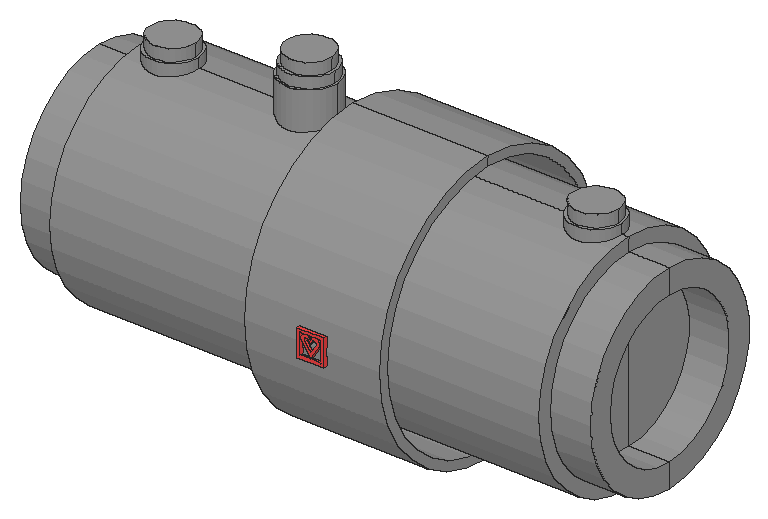
Revit family "Systemtrenner 0307 IG-IG", category Rohrzubehör, Revit 2019
Family settings
  Bemaßung runder Anschluss = Durchmesser verwenden
  Teiletyp = Unterbricht
  OmniClass-Nummer = 23.65.55.14
  OmniClass-Titel = Valves for Liquid Services
  Arbeitsebenenbasiert = Nein
  Immer vertikal = Ja
  Beim Laden mit Abzugskörper schneiden = Nein
  Gemeinsam genutzt = Nein
Parameters (values of type "IG-IG DN50-DN50")
  URL = "www.herz-armaturen.at"
  SCTWSEQ = "AW;SBT_TYP_AW=\"104\";2"
  SCTWCODE = "04;12;02"  # constant formula
  S03 = 15.000 mm  # constant formula
  S02 = 45.000 mm  # constant formula
  S01 = 98.000 mm  # constant formula
  Nennweite Ein [instance] = if(IG_IG_DN40_DN40, 40.000 mm, if(IG_IG_DN40_DN50, 40.000 mm, if(IG_IG_DN50_DN40, 50.000 mm, if(IG_IG_DN50_DN50, 50.000 mm, 0.000 mm))))  # 50.000 mm
  Nennweite Aus [instance] = if(IG_IG_DN40_DN40, 40.000 mm, if(IG_IG_DN40_DN50, 50.000 mm, if(IG_IG_DN50_DN40, 40.000 mm, if(IG_IG_DN50_DN50, 50.000 mm, 0.000 mm))))  # 50.000 mm
  Medium = "Wasser (ohne Dampf)"
  Max. Betriebstemperatur (Kurzzeitig) = 80 °C  # constant formula
  Max. Betriebstemperatur = 65 °C  # constant formula
  Max. Betriebsdruck = 1000000.0 Pa  # constant formula
  L08 = 45.000 mm  # constant formula
  L07 = 24.500 mm  # constant formula
  L06 = 70.000 mm  # constant formula
  L05 = 28.000 mm  # constant formula
  L04 = 13.500 mm  # constant formula
  L03 = 84.500 mm  # constant formula
  L02 = 18.000 mm  # constant formula
  L01 = 190.000 mm  # constant formula
  Hinweis = "Gemäß Art 33 der REACH-Verordnung (EG Nr. 1907/2006) sind wir verpflichtet, darauf hinzuweisen, dass der Stoff Blei auf der SVHC-Liste geführt wird und dass alle aus Messing bestehenden Bauteile, die in unseren Erzeugnissen verarbeitet sind, mehr als 0,1 % (w/w) Blei (CAS: 7439-92-1 / EINECS: 231-100-4) enthalten.\r\nDa Blei als Legierungsbestandteil fest gebunden ist, sind keine Expositionen zu erwarten und daher sind keine zusätzlichen Angaben zur sicheren Verwendung notwendig."
  Hersteller = "HERZ Armaturen Ges.m.b.H."  # constant formula
  Gehäuse = "Edelstahl"  # constant formula
  Einbaulage = "waagrecht oder senkrecht nach unten zeigend"  # constant formula
  D04 [instance] = if(IG_IG_DN40_DN40, 28.000 mm, if(IG_IG_DN40_DN50, 33.000 mm, if(IG_IG_DN50_DN40, 28.000 mm, if(IG_IG_DN50_DN50, 33.000 mm, 0.000 mm))))  # 33.000 mm
  D03 [instance] = if(IG_IG_DN40_DN40, 28.000 mm, if(IG_IG_DN40_DN50, 28.000 mm, if(IG_IG_DN50_DN40, 33.000 mm, if(IG_IG_DN50_DN50, 33.000 mm, 0.000 mm))))  # 33.000 mm
  D02 = 45.000 mm  # constant formula
  D01 = 37.500 mm  # constant formula
  Bestellnummer [instance] = if(IG_IG_DN40_DN40, "I030701", if(IG_IG_DN40_DN50, "I030709", if(IG_IG_DN50_DN40, "I030713", if(IG_IG_DN50_DN50, "I030705", "0"))))  # "I030705"
  Ausführung = "Der Systemtrenner wurde nach der Norm DIN EN 1717 entwickelt.\r\nLaut dieser Norm ist die Wasserqualität je nach Grad der Verschmutzung in 5 Klassen eingeteilt.\r\nDer Systemtrenner Typ BA erlaubt eine Absicherung gegen Nichttrinkwasser bis zur Gefahrenklasse 4, der höchsten Gefahrenklasse, die mit einer Armatur abgesichert werden kann.\r\nEine niedrigere Absicherung eines Standrohres als mit einem Systemtrenner BA nach DIN EN 1717 entspricht nicht mehr dem Stand der Technik und führt damit bei einem Schadensfall zur Haftpflicht des Betreibers eines solchen Standrohres.\r\nDie Funktionseinheit ist als einteilige Kartusche mit groß bemessenem Steuerkolben und druckstoßgedämpftem Ablassventilsystem ausgebildet.\r\nGewindeanschlüsse sind untereinander austauschbar, wodurch 16 mögliche Anschlussvarianten (Eingangs- und Ausgangsseite erhältlich in 1 1/2” Innen- oder Außengewinde alternativ in 2” Innen- oder Außengewinde)."
  Anwendung = "Der Systemtrenner ist eine kostengünstige Lösung zum Nachrüsten von Standrohren mit der nach DIN EN 1717 zwingend vorgeschriebenen Sicherungsarmatur gegen Rücksaugen, Rückfließen oder Rückdrücken von Nichttrinkwasser in die Trinkwasserleitung.\r\nDer Systemtrenner ist für den waagerechten Einbau geeignet.\r\nEr kann auch senkrecht montiert werden aber nach unten zeigend.\r\nFür den Einbau in eine Steigleitung ist er nicht zulässig."
  IG_IG_DN50_DN50 = yes
  IG_IG_DN50_DN40 = no
  IG_IG_DN40_DN50 = no
  IG_IG_DN40_DN40 = no
  IG Ein [instance] = Nennweite Ein / 2  # 25.000 mm
  IG Aus [instance] = Nennweite Aus / 2  # 25.000 mm
Types (5, lengths in mm): name | Nennweite Ein | Nennweite Aus | D04 | D03 | Bestellnummer | IG_IG_DN50_DN50 | IG_IG_DN50_DN40 | IG_IG_DN40_DN50 | IG_IG_DN40_DN40 | IG Ein | IG Aus
  (no name) | 50.000 | 50.000 | 33.000 | 33.000 | "I030705" | yes | no | no | no | 25.000 | 25.000
  IG-IG DN40-DN50 | 40.000 | 50.000 | 33.000 | 28.000 | "I030709" | no | no | yes | no | 20.000 | 25.000
  IG-IG DN40-DN40 | 40.000 | 40.000 | 28.000 | 28.000 | "I030701" | no | no | no | yes | 20.000 | 20.000
  IG-IG DN50-DN50 | 50.000 | 50.000 | 33.000 | 33.000 | "I030705" | yes | no | no | no | 25.000 | 25.000
  IG-IG DN50-DN40 | 50.000 | 40.000 | 28.000 | 33.000 | "I030713" | no | yes | no | no | 25.000 | 20.000
Reference planes
  plane 1 "Mitte (Vorne/hinten)": y = 0
  plane 2: z = 0
  plane 3 "Mitte (Links/rechts)": x = 0
Forms (mm)
  Revolve 1, solid, material "Messing, weicher Gelbton, geschweißt", detail levels fine
    sketch origin (0, 0, 0) x (1, 0, 0) y (0, 0, 1)
      loop
        line (81.5, 0) -> (81.5, 25) -> (95, 25) -> (95, 33) -> (81.5, 33) -> (81.5, 37.5) -> (-81.5, 37.5) -> (-81.5, 33) -> (-95, 33) -> (-95, 25) -> (-81.5, 25) -> (-81.5, 0) -> (81.5, 0)
      axis (-95, 0) -> (95, 0)
    angle from 0 to 360
  Revolve 2, solid, material "Acetalharz, Schwarz", detail levels fine
    sketch origin (0, 0, 0) x (1, 0, 0) y (0, 0, 1)
      loop
        line (-10.5, 0) -> (1.5, 0) -> (1.5, 42) -> (34.5, 42) -> (34.5, 45) -> (-10.5, 45) -> (-10.5, 0)
      axis (-10.5, 0) -> (34.5, 0)
    angle from 0 to 360
  Extrusion 3, solid, material "Messing, weicher Gelbton, geschweißt", detail levels fine
    sketch origin (0, 0, 0) x (1, 0, 0) y (0, 1, 0)
      loop
        circle (-70.5, 0) r 8.5
      loop
        circle (70.5, 0) r 8.5
    from 0 to 40.5
  Extrusion 4, solid, material "Acetalharz, Schwarz", detail levels fine
    sketch origin (0, 0, 0) x (1, 0, 0) y (0, 1, 0)
      loop
        circle (-70.5, 0) r 7.5
      loop
        circle (70.5, 0) r 7.5
    from 40.5 to 44.5
  Extrusion 5, solid, material "Messing, weicher Gelbton, geschweißt", detail levels fine
    sketch origin (0, 0, 0) x (1, 0, 0) y (0, 1, 0)
      loop
        circle (-25, 0) r 9.3
    from 0 to 49
  Extrusion 6, solid, material "Messing, weicher Gelbton, geschweißt", detail levels fine
    sketch origin (0, 0, 0) x (1, 0, 0) y (0, 1, 0)
      loop
        circle (-25, 0) r 8.5
    from 49 to 52.5
  Extrusion 7, solid, material "Acetalharz, Schwarz", visible <- "IG_IG_DN40_DN50", detail levels fine
    sketch origin (0, 0, 0) x (1, 0, 0) y (0, 1, 0)
      loop
        circle (-25, 0) r 7.5
    from 52.5 to 56.5
  Extrusion 8, solid, material "Acetalharz, Schwarz", visible <- "IG_IG_DN40_DN40", detail levels fine
    sketch origin (0, 0, 0) x (1, 0, 0) y (0, 1, 0)
      loop
        circle (-25, 0) r 7.5
    from 52.5 to 56.4
  Extrusion 9, solid, material "Acetalharz, Schwarz", visible <- "IG_IG_DN50_DN50", detail levels fine
    sketch origin (0, 0, 0) x (1, 0, 0) y (0, 1, 0)
      loop
        circle (-25, 0) r 7.5
    from 52.5 to 56.3
  Extrusion 10, solid, material "Acetalharz, Schwarz", visible <- "IG_IG_DN50_DN40", detail levels fine
    sketch origin (0, 0, 0) x (1, 0, 0) y (0, 1, 0)
      loop
        circle (-25, 0) r 7.5
    from 52.5 to 56.2
Lines and regions (mm)
  model lines, detail levels coarse+medium
    curve 1: line (-95, 0, 37.5) -> (95, 0, 37.5)
    curve 2: line (-95, 0, -37.5) -> (-95, 0, 37.5)
    curve 3: line (95, 0, -37.5) -> (-95, 0, -37.5)
    curve 4: line (95, 0, 37.5) -> (95, 0, -37.5)
    curve 5: line (-95, 0, -22.5) -> (-50, 0, -22.5)
    curve 6: line (-3, 0, -22.5) -> (95, 0, -22.5)
    curve 7: line (-95, 0, 22.5) -> (-50, 0, 22.5)
    curve 8: line (-3, 0, 22.5) -> (95, 0, 22.5)
    curve 9: line (-95, 37.5, 0) -> (95, 37.5, 0)
    curve 10: line (-95, -37.5, 0) -> (-95, 37.5, 0)
    curve 11: line (95, -37.5, 0) -> (-95, -37.5, 0)
    curve 12: line (95, 37.5, 0) -> (95, -37.5, 0)
    curve 13: line (-95, 22.5, 0) -> (-50, 22.5, 0)
    curve 14: line (-3, 22.5, 0) -> (95, 22.5, 0)
    curve 15: line (-95, -22.5, 0) -> (-50, -22.5, 0)
    curve 16: line (-3, -22.5, 0) -> (95, -22.5, 0)
Dimensions and locks
  equal spacing: curve 4, plane 3 "Mitte (Links/rechts)", curve 2
  "L01": curve 4 to curve 2
  "D01": curve 1 to plane 2 to curve 3
  "S03": curve 5 to curve 3
  "S03": curve 1 to curve 7
  "S03": curve 1 to curve 8
  "S03": curve 6 to curve 3
  "S02": curve 5 to curve 2
  "S02": curve 7 to curve 2
  "S01": curve 8 to curve 4
  "S01": curve 6 to curve 4
  equal spacing: curve 10, plane 3 "Mitte (Links/rechts)", curve 12
  "L01": curve 10 to curve 12
  "D01": curve 11 to plane 1 "Mitte (Vorne/hinten)" to curve 9
  "S03": curve 13 to curve 9
  "S03": curve 11 to curve 15
  "S03": curve 14 to curve 9
  "S03": curve 11 to curve 16
  "S01": curve 14 to curve 12
  "S01": curve 16 to curve 12
  "S02": curve 10 to curve 15
  "S02": curve 10 to curve 13
  "D02": Revolve 2 sketch curve to Revolve 2 sketch curve
  equal spacing: Revolve 2, nested 1, Revolve 2
  "D02": nested 1 to plane 1 "Mitte (Vorne/hinten)"
  "IG Ein": Revolve 1 sketch curve to plane 2
  "D03": Revolve 1 sketch curve to plane 2
  "D01": Revolve 1 sketch curve to plane 2
  "L03": Revolve 1 to Revolve 2 sketch curve
  "L07": Revolve 1 to Extrusion 3 sketch curve
  "L07": Revolve 1 to Extrusion 4 sketch curve
  "L06": Revolve 1 to Extrusion 5 sketch curve
  "L06": Revolve 1 to Extrusion 6 sketch curve
  "L06": Revolve 1 to Extrusion 10 sketch curve
  "L06": Revolve 1 to Extrusion 9 sketch curve
  "L06": Revolve 1 to Extrusion 8 sketch curve
  "L06": Revolve 1 to Extrusion 7 sketch curve
  "L08": Revolve 2 sketch curve to Revolve 2 sketch curve
  "IG Aus": Revolve 1 sketch curve to Revolve 1 sketch curve
  "D04": Revolve 1 sketch curve to Revolve 1 sketch curve
  "L01": Revolve 1 sketch curve to Revolve 1 sketch curve
  equal spacing: Revolve 1 sketch curve, plane 3 "Mitte (Links/rechts)", Revolve 1 sketch curve
  "L07": Extrusion 3 sketch curve to Revolve 1
  "L07": Extrusion 4 sketch curve to Revolve 1
  "L04": Revolve 1 sketch curve to Revolve 1 sketch curve  (x2)
  aligned and locked: level to plane 2
Automatic sketch dimensions
  Revolve 1 sketch curve to level = 0.000 mm  (x2)
  Revolve 1 sketch curve to Revolve 1 sketch curve = 0.000 mm
  Revolve 1 sketch curve to Revolve 1 sketch curve = 13.500 mm
  Revolve 1 sketch curve to Revolve 1 sketch curve = 1408.530 mm
  Revolve 1 sketch curve to Revolve 1 sketch curve = 1741.148 mm
  Revolve 2 sketch curve to level = 0.000 mm  (x2)
  plane 3 "Mitte (Links/rechts)" to Revolve 2 sketch curve = 1.500 mm
  Revolve 2 sketch curve to Revolve 2 sketch curve = 3.000 mm
  Revolve 2 sketch curve to Revolve 2 sketch curve = 1496.030 mm
  Revolve 2 sketch curve to Revolve 2 sketch curve = 1804.648 mm
  plane 1 "Mitte (Vorne/hinten)" to Extrusion 3 sketch curve = 0.000 mm  (x2)
  plane 1 "Mitte (Vorne/hinten)" to Extrusion 4 sketch curve = 0.000 mm  (x2)
  plane 1 "Mitte (Vorne/hinten)" to Extrusion 5 sketch curve = 0.000 mm
  plane 1 "Mitte (Vorne/hinten)" to Extrusion 6 sketch curve = 0.000 mm
  plane 1 "Mitte (Vorne/hinten)" to Extrusion 7 sketch curve = 0.000 mm
  plane 1 "Mitte (Vorne/hinten)" to Extrusion 8 sketch curve = 0.000 mm
  plane 1 "Mitte (Vorne/hinten)" to Extrusion 9 sketch curve = 0.000 mm
  plane 1 "Mitte (Vorne/hinten)" to Extrusion 10 sketch curve = 0.000 mm
  radius of Extrusion 3 sketch curve = 8.500 mm  (x2)
  radius of Extrusion 4 sketch curve = 7.500 mm  (x2)
  radius of Extrusion 5 sketch curve = 9.300 mm
  radius of Extrusion 6 sketch curve = 8.500 mm
  radius of Extrusion 7 sketch curve = 7.500 mm
  radius of Extrusion 8 sketch curve = 7.500 mm
  radius of Extrusion 9 sketch curve = 7.500 mm
  radius of Extrusion 10 sketch curve = 7.500 mm
Nested families
  nested 1: "Herz-Logo-vorne" at (12, -45, 0) x (0, 1, 0) z (0, 0, 1), type "Herz-Logo-vorne", detail levels fine
Connectors
  piping at (-81.5, 0, 0), diameter 50, driven by "Nennweite Ein"
    settings: on Revolve 1, index 1, connector inside diameter 609.6 mm, connector length 0.000 mm, flow factor 0, pipe flow 0.0 L/s, pressure drop 0.0 Pa, fitting loss kfactor 0, connector angle 0.00°, fixture units 0, engagement length 0.000 mm, angle of deflection 0.00°, flow configuration 0, flow direction 1, fitting loss method 0, system type 29, joint type 0, gender type 0, connector reference index -1, connector utility 0, adjustable connector no, is connector primary yes, connector description ""
  piping at (81.5, 0, 0), diameter 50, driven by "Nennweite Aus"
    settings: on Revolve 1, index 2, connector inside diameter 609.6 mm, connector length 0.000 mm, flow factor 0, pipe flow 0.0 L/s, pressure drop 0.0 Pa, fitting loss kfactor 0, connector angle 0.00°, fixture units 0, engagement length 0.000 mm, angle of deflection 0.00°, flow configuration 0, flow direction 2, fitting loss method 0, system type 29, joint type 0, gender type 0, connector reference index -1, connector utility 0, adjustable connector no, is connector primary no, connector description ""
Definition of nested family "Herz-Logo-vorne"
  Reference planes
    plane 1 "Mitte (Vorne/hinten)": y = 0
    plane 2: z = 0
    plane 3 "Mitte (Links/rechts)": x = 0
  Forms (mm)
    Extrusion 1, solid
      sketch origin (0.732, -0.018, 0.017) x (0, -1, 0) y (0, 0, 1)
        loop
          line (-0.018, -4.517) -> (4.482, -4.517) -> (4.482, 4.483) -> (-4.518, 4.483) -> (-4.518, -4.517) -> (-0.018, -4.517)
        loop
          line (-0.05, -3.48) -> (3.482, -3.48) -> (3.482, 3.483) -> (-3.518, 3.483) -> (-3.518, -3.48) -> (-0.05, -3.48)
        loop
          arc (-0.018, 2.383) -> (-1.543, 3.287) -> (-3.067, 2.383) r 1.738
          arc (-3.067, 2.383) -> (-3.191, 1.899) -> (-3.067, 1.415) r 1.009
          line (-3.067, 1.415) -> (-0.018, -3.281) -> (3.032, 1.415)
          arc (3.032, 1.415) -> (3.156, 1.899) -> (3.032, 2.383) r 1.009
          arc (3.032, 2.383) -> (1.507, 3.287) -> (-0.018, 2.383) r 1.738
        loop
          arc (1.885, 1.272) -> (2.005, 1.675) -> (1.885, 2.079) r 0.74
          arc (1.885, 2.079) -> (1.265, 2.416) -> (0.644, 2.079) r 0.74
          line (0.644, 2.079) -> (-0.018, 0.97) -> (-0.679, 2.079)
          arc (-0.679, 2.079) -> (-1.3, 2.416) -> (-1.921, 2.079) r 0.74
          arc (-1.921, 2.079) -> (-2.04, 1.675) -> (-1.921, 1.272) r 0.74
          line (-1.921, 1.272) -> (-0.018, -1.658) -> (1.885, 1.272)
      from 0 to 1.5
  Dimensions and locks
    aligned and locked: level to plane 2
